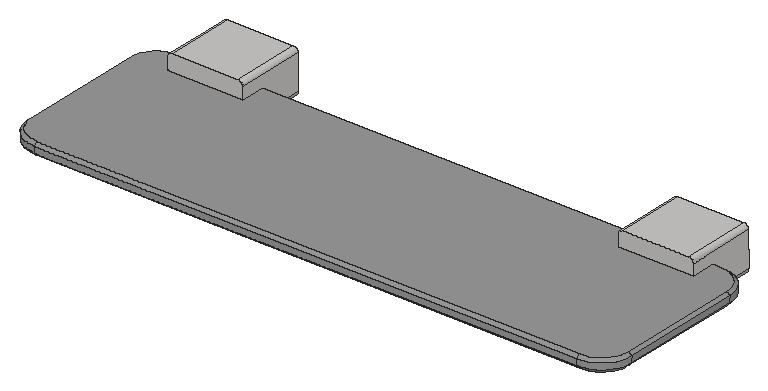
Revit family "rba-bim-rba1622-106", category Plumbing Fixtures, Revit 2016
Family settings
  Part Type = Normal
  Round Connector Dimension = Use Diameter
  Work Plane-Based = No
  Always vertical = Yes
  Cut with Voids When Loaded = No
  Shared = Yes
  Room Calculation Point = No
Parameters (values of type "RBA1622-106")
  Watermarked By = "www.rba.com.au"
  Waste Connection = yes
  Vent Connection = yes
  URL = ""
  Phone Number = "1300 788 778"
  Modified Issue = "20190218.01"
  Model = "RBA1622-106"
  Materials and Finishes = Stainless Steel AISI 304
  Manufacturer Model = ""
  Manufacturer = "RBA Group"  # constant formula
  HW Connection = yes
  Description = "ënda Accessible Compliant Acrylic Shelf"
  Copyright by = "RBA Group"  # constant formula
  CW Connection = yes
Reference planes
  plane 1 "Center (Front/Back)": y = 0
  plane 2: z = 0
  plane 3 "Center (Left/Right)": x = 0
Forms (mm)
  Extrusion 1, solid, material "Glass"
    sketch origin (0, 0, 95) x (1, 0, 0) y (0, 1, 0)
      loop
        arc (-177.5, 120) -> (-191.642, 114.142) -> (-197.5, 100) r 20
        line (-197.5, 100) -> (-197.5, 20)
        arc (-197.5, 20) -> (-191.642, 5.858) -> (-177.5, 0) r 20
        line (-177.5, 0) -> (177.5, 0)
        arc (177.5, 0) -> (191.642, 5.858) -> (197.5, 20) r 20
        line (197.5, 20) -> (197.5, 100)
        arc (197.5, 100) -> (191.642, 114.142) -> (177.5, 120) r 20
        line (177.5, 120) -> (-177.5, 120)
    from -99 to -91
  Sweep 2, void
    path origin (0, 0, 0) x (1, 0, 0) y (0, 1, 0)
      loop
        line (177.5, 120) -> (-177.5, 120)
        arc (-177.5, 120) -> (-191.642, 114.142) -> (-197.5, 100) r 20
        line (-197.5, 100) -> (-197.5, 20)
        arc (-197.5, 20) -> (-191.642, 5.858) -> (-177.5, 0) r 20
        line (-177.5, 0) -> (177.5, 0)
        arc (177.5, 0) -> (191.642, 5.858) -> (197.5, 20) r 20
        line (197.5, 20) -> (197.5, 100)
        arc (197.5, 100) -> (191.642, 114.142) -> (177.5, 120) r 20
    profile origin (0, 120, 0) x (0, -1, 0) y (0, 0, 1)
      loop
        line (2, 4) -> (-2.03, 4) -> (-2.03, -4) -> (2, -4) -> (0, -2) -> (0, 2) -> (2, 4)
  Extrusion 3, solid, material "Stainless Steel AISI 304" <- "Materials and Finishes"
    sketch origin (0, 0, 0) x (1, 0, 0) y (0, 0, 1)
      loop
        line (-126, 14.5) -> (-169, 14.5)
        arc (-169, 14.5) -> (-171.121, 13.621) -> (-172, 11.5) r 3
        line (-172, 11.5) -> (-172, -11.5)
        arc (-172, -11.5) -> (-171.121, -13.621) -> (-169, -14.5) r 3
        line (-169, -14.5) -> (-126, -14.5)
        arc (-126, -14.5) -> (-123.879, -13.621) -> (-123, -11.5) r 3
        line (-123, -11.5) -> (-123, 11.5)
        arc (-123, 11.5) -> (-123.879, 13.621) -> (-126, 14.5) r 3
    from -147 to -102
  Extrusion 4, solid, material "Stainless Steel AISI 304" <- "Materials and Finishes"
    sketch origin (0, 0, 0) x (-1, 0, 0) y (0, 0, -1)
      loop
        arc (-126, -14.5) -> (-123.879, -13.621) -> (-123, -11.5) r 3
        line (-123, -11.5) -> (-123, 11.5)
        arc (-123, 11.5) -> (-123.879, 13.621) -> (-126, 14.5) r 3
        line (-126, 14.5) -> (-169, 14.5)
        arc (-169, 14.5) -> (-171.121, 13.621) -> (-172, 11.5) r 3
        line (-172, 11.5) -> (-172, -11.5)
        arc (-172, -11.5) -> (-171.121, -13.621) -> (-169, -14.5) r 3
        line (-169, -14.5) -> (-126, -14.5)
    from -147 to -102
  Extrusion 5, void
    sketch origin (0, 0, 0) x (0, 1, 0) y (0, 0, 1)
      loop
        line (118, 4) -> (102, 4) -> (102, -4) -> (118, -4) -> (120, -2) -> (120, 2) -> (118, 4)
    from -172 to -123
  Extrusion 6, void
    sketch origin (145, 0, 0) x (0, 1, 0) y (0, 0, 1)
      loop
        line (118, 4) -> (102, 4) -> (102, -4) -> (118, -4) -> (120, -2) -> (120, 2) -> (118, 4)
    from -22 to 27
Cuts and joins
  Extrusion 6 cuts Extrusion 3
  Extrusion 6 cuts Extrusion 4
  joined: Extrusion 3, Extrusion 4
  Sweep 2, Extrusion 5, Extrusion 6 cuts Extrusion 1
Dimensions and locks
  aligned and locked: plane 2 to level
